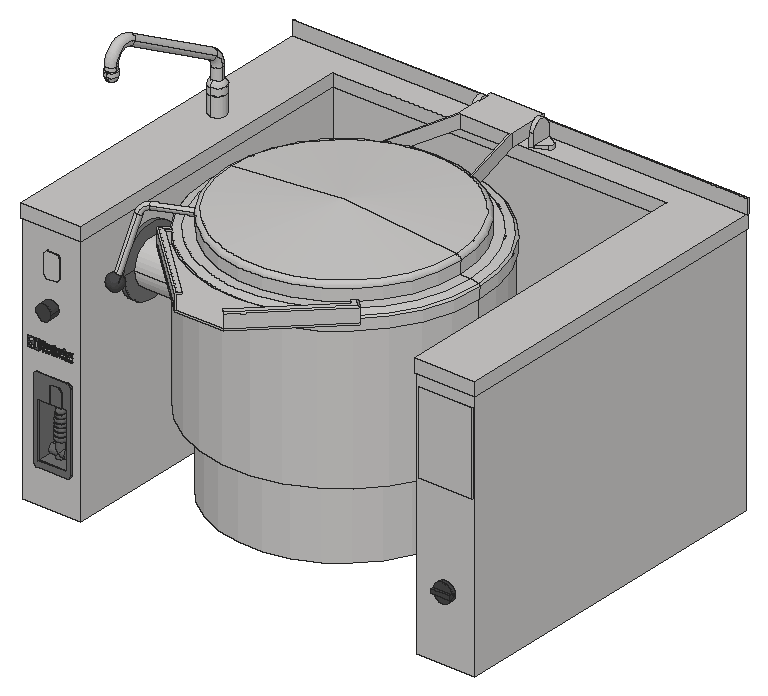
Revit family "QF_ELECTROLUXPROFESSIONAL_586940_PBOT10ELES", category Specialty Equipment, Revit 2018 (continued)
Automatic sketch dimensions
  Extrusion 23 sketch curve to Extrusion 23 sketch curve = 1.192 mm
  Extrusion 23 sketch curve to Extrusion 23 sketch curve = 2.57 mm  (x2)
  Extrusion 23 sketch curve to Extrusion 23 sketch curve = 3.444 mm  (x2)
  Extrusion 23 sketch curve to Extrusion 23 sketch curve = 1.343 mm  (x2)
  Extrusion 23 sketch curve to Extrusion 23 sketch curve = 1.353 mm  (x2)
  Extrusion 23 sketch curve to Extrusion 23 sketch curve = 0.027 mm  (x2)
  Extrusion 23 sketch curve to Extrusion 23 sketch curve = 0.395 mm  (x2)
  Extrusion 23 sketch curve to Extrusion 23 sketch curve = 0.329 mm  (x2)
  Extrusion 23 sketch curve to Extrusion 23 sketch curve = 0.425 mm  (x2)
  Extrusion 23 sketch curve to Extrusion 23 sketch curve = 0.051 mm  (x2)
  Extrusion 23 sketch curve to Extrusion 23 sketch curve = 0.495 mm  (x2)
  Extrusion 23 sketch curve to Extrusion 23 sketch curve = 0.267 mm  (x2)
  Extrusion 23 sketch curve to Extrusion 23 sketch curve = 1.4 mm
  Extrusion 23 sketch curve to Extrusion 23 sketch curve = 5.233 mm
  Extrusion 23 sketch curve to Extrusion 23 sketch curve = 2.062 mm
  plane 3 "LEFT" to Extrusion 24 sketch curve = 43.4 mm
  Extrusion 24 sketch curve to Extrusion 24 sketch curve = 82 mm
  plane 7 to Extrusion 24 sketch curve = 105.944 mm
  Extrusion 24 sketch curve to Extrusion 24 sketch curve = 195 mm
  Extrusion 25 sketch curve to plane 6 "TOP" = 0 mm
  Extrusion 25 sketch curve to plane 1 "BACK" = 0 mm
  Extrusion 25 sketch curve to Extrusion 25 sketch curve = 2 mm
  Extrusion 25 sketch curve to Extrusion 25 sketch curve = 37.998 mm
  curve 39 to curve 19 = 2 mm
  radius of curve 38 = 25 mm
  radius of Extrusion 4 sketch curve = 10 mm
  radius of Extrusion 15 sketch curve = 25 mm
  radius of Extrusion 17 sketch curve = 20 mm
  radius of Extrusion 20 sketch curve = 10 mm  (x2)
  radius of Extrusion 23 sketch curve = 2.453 mm
  radius of Extrusion 23 sketch curve = 1.557 mm
  radius of Extrusion 23 sketch curve = 1.468 mm
  radius of Extrusion 23 sketch curve = 2.451 mm
Nested families
  nested 1: "Electrolux_Handle" at (324.646, -653.285, 8.398) x (0.9205, 0.3907, 0) z (0, 0, 1), type "Family1"
  nested 2: "QF_ELECTROLUXPROFESSIONAL_RubSprint" at (80, -250.001, 900), type "QF_ELECTROLUXPROFESSIONAL_RubSprint"
  nested 3: "QF_ELECTROLUXPROFESSIONAL_SprayGun" at (80.4, -737, 291.944), type "QF_ELECTROLUXPROFESSIONAL_SprayGun"
Connectors
  piping at (110.571, 100, 395), diameter 12.7
    settings: on Extrusion 20, index 1, connector inside diameter 1/2", connector length 0 mm, flow factor 0, pipe flow 0 GPM, pressure drop 0.00 psi, fitting loss kfactor 0, connector angle 0.00°, fixture units 0, engagement length 0 mm, angle of deflection 0.00°, flow configuration 1, flow direction 1, fitting loss method 0, system type 20, joint type 0, gender type 0, connector reference index -1, connector utility 0, adjustable connector no, is connector primary yes, connector description "Cold Water Inlet"
  piping at (50, 100, 395), diameter 12.7
    settings: on Extrusion 20, index 2, connector inside diameter 1/2", connector length 0 mm, flow factor 0, pipe flow 0 GPM, pressure drop 0.00 psi, fitting loss kfactor 0, connector angle 0.00°, fixture units 0, engagement length 0 mm, angle of deflection 0.00°, flow configuration 1, flow direction 1, fitting loss method 0, system type 19, joint type 0, gender type 0, connector reference index -1, connector utility 0, adjustable connector no, is connector primary no, connector description "Hot Water Inlet"
  electrical at (1120, 100, 450), driven by "Volts"
    settings: on Extrusion 4, index 3, voltage 400 V, apparent load 18200 VA, apparent load phase1 0 VA, apparent load phase2 0 VA, apparent load phase3 0 VA, power factor 1, load classification "Other", number of poles 1, system type 30, power factor state 1, is connector primary yes, connector utility no, sub classification motor no, connector description "Electrical Connection"
Definition of nested family "Electrolux_Handle"
  Parameters
    Assembly Code = ""
  Reference planes
    plane 1 "Center (Front/Back)": y = 0
    plane 2: z = 0
    plane 3 "Center (Left/Right)": x = 0
  Forms (mm)
    Sweep 1, solid
      path origin (0, -272.67, 40.751) x (1, 0, 0) y (0, 0.292372, 0.956305)
        loop
          line (16.511, 924.614) -> (-78.489, 924.614)
          arc (-78.489, 924.614) -> (-94.127, 919.229) -> (-103.135, 905.359) r 25.4
          line (-103.135, 905.359) -> (-140.724, 754.597)
      profile origin (-30.989, -2.339, 924.963) x (0, -0.292372, -0.956305) y (0, -0.956305, 0.292372)
        loop
          circle (0, 0) r 8
    Revolve 2, solid
      sketch origin (0, -272.67, 40.751) x (1, 0, 0) y (0, 0.292372, 0.956305)
        loop
          arc (-160.764, 759.594) -> (-145.72, 734.557) -> (-120.683, 749.601) r 20.654
          line (-120.683, 749.601) -> (-160.764, 759.594)
        axis (-120.683, 749.601) -> (-160.764, 759.594)
      angle from 0 to 360
  Lines and regions (mm)
    symbolic lines
      curve 1: line (16.511, 5.661, 0) -> (-87.322, 5.661, 0)
      curve 2: line (16.511, -9.989, 0) -> (-86.193, -9.989, 0)
      curve 3: line (-133.697, -56.773, 0) -> (-97.513, -15.149, 0)
      curve 4: line (-146.568, -45.584, 0) -> (-111.666, -5.433, 0)
      curve 5: arc (-135.59, -32.955, 0) -> (-154.333, -67.194, 0) -> (-122.78, -44.215, 0) r 20
      curve 6: arc (-146.568, -45.584, 0) -> (-145.727, -57.614, 0) -> (-133.697, -56.773, 0) r 8.527
      curve 7: arc (-87.322, 5.661, 0) -> (-100.698, 2.757, 0) -> (-111.666, -5.433, 0) r 32.256
      curve 8: arc (-86.193, -9.989, 0) -> (-92.413, -11.34, 0) -> (-97.513, -15.149, 0) r 15
  Dimensions and locks
    aligned and locked: level to plane 2
    aligned and locked: Revolve 2 sketch curve to Sweep 1  (x2)
    aligned and locked: curve 1 to Sweep 1
    aligned and locked: Sweep 1 to curve 2
Definition of nested family "QF_ELECTROLUXPROFESSIONAL_RubSprint"
  Reference planes
    plane 1 "Center (Front/Back)": y = 0
    plane 2: z = 0
    plane 3 "Center (Left/Right)": x = 0
  Forms (mm)
    Revolve 1, solid
      sketch origin (0, 0, 0) x (0, 1, 0) y (0, 0, 1)
        loop
          line (-21, 0) -> (0, 0) -> (0, 82.75) -> (-14.385, 82.75)
          arc (-14.385, 82.75) -> (-19.409, 76.68) -> (-22.385, 69.383) r 26
          line (-22.385, 69.383) -> (-22.385, 51.306) -> (-21, 50.388) -> (-21, 0)
        axis (0, 82.75) -> (0, 0)
      angle from 0 to 360
    Sweep 2, solid
      path origin (0, 0, 0) x (0, 1, 0) y (0, 0, 1)
        loop
          line (0, 82.75) -> (0, 113.75)
          arc (0, 113.75) -> (-5.44, 133.889) -> (-20.279, 148.551) r 40
          line (-20.279, 148.551) -> (-290.279, 301.55)
          arc (-290.279, 301.55) -> (-330.139, 301.31) -> (-349.999, 266.749) r 40
          line (-349.999, 266.749) -> (-349.999, 257.884)
      profile origin (0, 0, 98.25) x (0, -1, 0) y (1, 0, 0)
        loop
          circle (0, 0) r 13.5
    Revolve 3, solid
      sketch origin (0, 0, 0) x (0, 1, 0) y (0, 0, 1)
        loop
          line (-333.717, 244.264) -> (-333.717, 254.236)
          arc (-333.717, 254.236) -> (-334.434, 255.758) -> (-335.779, 256.77) r 3.5
          line (-335.779, 256.77) -> (-336.499, 257.884) -> (-349.999, 257.884) -> (-349.999, 233.05) -> (-339.2, 233.05)
          arc (-339.2, 233.05) -> (-338.052, 233.411) -> (-337.32, 234.365) r 2
          line (-337.32, 234.365) -> (-333.717, 244.264)
        axis (-349.999, 257.884) -> (-349.999, 233.05)
      angle from 0 to 360
  Lines and regions (mm)
    symbolic lines
      curve 1: arc (-13.5, -17.856, 0) -> (0, 22.385, 0) -> (13.5, -17.856, 0) r 22.385
      curve 2: arc (-13.5, 0, 0) -> (0, 13.5, 0) -> (13.5, 0, 0) r 13.5
      curve 3: arc (-13.5, -349.999, 0) -> (0, -363.499, 0) -> (13.5, -349.999, 0) r 13.5
      curve 4: arc (-13.5, -340.897, 0) -> (0, -366.281, 0) -> (13.5, -340.897, 0) r 16.282
      curve 5: line (13.5, -349.999, 0) -> (13.5, 0, 0)
      curve 6: line (-13.5, -349.999, 0) -> (-13.5, 0, 0)
  Dimensions and locks
    aligned and locked: level to plane 2
Definition of nested family "QF_ELECTROLUXPROFESSIONAL_SprayGun"
  Reference planes
    plane 1 "Center (Front/Back)": y = 0
    plane 2: z = 0
    plane 3 "SGy": x = 13
    plane 4 "AxeZ": y = -45
    plane 5 "Center (Left/Right)": x = 4
    plane 6 "Center (Top/Right)": z = 112.5
  Forms (mm)
    Revolve 1, solid
      sketch origin (0, -45, 0) x (0, 0, 1) y (-1, 0, 0)
        loop
          line (73.98, -1.423) -> (33.98, -1.423) -> (33.98, -13) -> (151.7, -13) -> (151.7, -4.362)
          arc (151.7, -4.362) -> (147.093, -1.396) -> (141.64, -1.926) r 8.345
          arc (141.64, -1.926) -> (140.226, -2.024) -> (139.103, -1.16) r 2
          arc (139.103, -1.16) -> (138.832, -0.814) -> (138.493, -0.536) r 2
          arc (138.493, -0.536) -> (134.77, 0.557) -> (131.061, -0.581) r 6.745
          arc (131.061, -0.581) -> (129.812, -0.914) -> (128.62, -0.414) r 2
          arc (128.62, -0.414) -> (124.347, 1.338) -> (119.917, 0.035) r 6.972
          arc (119.917, 0.035) -> (118.79, -0.341) -> (117.648, -0.011) r 2
          arc (117.648, -0.011) -> (113.81, 1.188) -> (109.921, 0.166) r 7.275
          arc (109.921, 0.166) -> (108.725, -0.109) -> (107.594, 0.367) r 2
          arc (107.594, 0.367) -> (103.55, 1.928) -> (99.427, 0.587) r 6.475
          arc (99.427, 0.587) -> (98.262, 0.173) -> (97.076, 0.524) r 2
          arc (97.076, 0.524) -> (92.711, 1.941) -> (88.277, 0.758) r 8.094
          arc (88.277, 0.758) -> (87.212, 0.464) -> (86.153, 0.781) r 2
          arc (86.153, 0.781) -> (79.633, 2.075) -> (73.98, -1.423) r 9.075
        axis (151.7, -13) -> (33.98, -13)
      angle from 0 to 360
    Revolve 2, solid
      sketch origin (0, -45, 0) x (0, 0, 1) y (-1, 0, 0)
        loop
          line (47.58, 11.558) -> (40.98, 11.558) -> (40.98, 9.577) -> (35.98, 9.577) -> (35.98, -30.423) -> (40.98, -30.423) -> (40.98, -35.423) -> (47.58, -35.423) -> (47.58, 11.558)
        axis (47.58, 11.558) -> (47.58, -35.423)
      angle from 0 to 360
    Extrusion 3, solid
      sketch origin (0, -45, 0) x (1, 0, 0) y (0, 1, 0)
        loop
          line (21.638, 0) -> (17.319, 7.481) -> (8.681, 7.481) -> (4.362, 0) -> (8.681, -7.481) -> (17.319, -7.481) -> (21.638, 0)
      from 151.7 to 160.974
    Extrusion 4, solid
      sketch origin (0, 0, 0) x (1, 0, 0) y (0, 0, 1)
        loop
          arc (-45, 10) -> (-42.071, 2.929) -> (-35, 0) r 10
          line (-35, 0) -> (43, 0)
          arc (43, 0) -> (50.071, 2.929) -> (53, 10) r 10
          line (53, 10) -> (53, 215)
          arc (53, 215) -> (50.071, 222.071) -> (43, 225) r 10
          line (43, 225) -> (-35, 225)
          arc (-35, 225) -> (-42.071, 222.071) -> (-45, 215) r 10
          line (-45, 215) -> (-45, 10)
        loop
          line (-35, 162) -> (-35, 16) -> (43, 16) -> (43, 162) -> (29, 162) -> (29, 199)
          arc (29, 199) -> (26.657, 204.657) -> (21, 207) r 8
          line (21, 207) -> (5, 207)
          arc (5, 207) -> (-0.657, 204.657) -> (-3, 199) r 8
          line (-3, 199) -> (-3, 162) -> (-35, 162)
      from 63 to 60
    Extrusion 5, solid
      sketch origin (0, 0, 0) x (1, 0, 0) y (0, 0, 1)
        loop
          line (-35, 16) -> (43, 16) -> (43, 162) -> (29, 162) -> (29, 199)
          arc (29, 199) -> (26.657, 204.657) -> (21, 207) r 8
          line (21, 207) -> (5, 207)
          arc (5, 207) -> (-0.657, 204.657) -> (-3, 199) r 8
          line (-3, 199) -> (-3, 162) -> (-35, 162) -> (-35, 16)
        loop
          line (31, 164) -> (31, 199)
          arc (31, 199) -> (28.071, 206.071) -> (21, 209) r 10
          line (21, 209) -> (5, 209)
          arc (5, 209) -> (-2.071, 206.071) -> (-5, 199) r 10
          line (-5, 199) -> (-5, 164) -> (-37, 164) -> (-37, 14) -> (45, 14) -> (45, 164) -> (31, 164)
      from 0 to 60
    Extrusion 6, solid
      sketch origin (0, 0, 0) x (1, 0, 0) y (0, 0, 1)
        loop
          line (-37, 164) -> (-37, 14) -> (45, 14) -> (45, 164) -> (-37, 164)
      from 6 to 0
    Extrusion 7, solid
      sketch origin (0, 0, 0) x (1, 0, 0) y (0, 0, 1)
        loop
          line (28, 160.974) -> (28, 198)
          arc (28, 198) -> (25.657, 203.657) -> (20, 206) r 8
          line (20, 206) -> (6, 206)
          arc (6, 206) -> (0.343, 203.657) -> (-2, 198) r 8
          line (-2, 198) -> (-2, 160.974) -> (28, 160.974)
      from 0 to 63
  Dimensions and locks
    equal spacing: Extrusion 4, plane 5 "Center (Left/Right)", Extrusion 4
    Extrusion 4 to Extrusion 4 = 225 mm
    Extrusion 4 to Extrusion 4 = 98 mm
    aligned and locked: level to plane 2
  Automatic sketch dimensions
    plane 3 "SGy" to Revolve 1 sketch curve = 0 mm  (x2)
    plane 5 "Center (Left/Right)" to Revolve 1 sketch curve = 2.577 mm
    level to Revolve 1 sketch curve = 33.98 mm
    Revolve 1 sketch curve to Revolve 1 sketch curve = 40 mm
    Revolve 1 sketch curve to plane 5 "Center (Left/Right)" = 2.854 mm
    Revolve 1 sketch curve to Revolve 1 sketch curve = 7.27 mm
    Revolve 1 sketch curve to Revolve 1 sketch curve = 5.984 mm
    Revolve 1 sketch curve to plane 5 "Center (Left/Right)" = 2.15 mm
    Revolve 1 sketch curve to Revolve 1 sketch curve = 5.262 mm
    Revolve 1 sketch curve to Revolve 1 sketch curve = 5.712 mm
    Revolve 1 sketch curve to plane 5 "Center (Left/Right)" = 0.545 mm
    Revolve 1 sketch curve to Revolve 1 sketch curve = 5.167 mm
    Revolve 1 sketch curve to Revolve 1 sketch curve = 5.522 mm
    Revolve 1 sketch curve to plane 5 "Center (Left/Right)" = 2.085 mm
    Revolve 1 sketch curve to Revolve 1 sketch curve = 4.746 mm
    Revolve 1 sketch curve to Revolve 1 sketch curve = 5.106 mm
    Revolve 1 sketch curve to plane 5 "Center (Left/Right)" = 1.624 mm
    Revolve 1 sketch curve to Revolve 1 sketch curve = 5.239 mm
    Revolve 1 sketch curve to Revolve 1 sketch curve = 5.96 mm
    Revolve 1 sketch curve to plane 5 "Center (Left/Right)" = 2.187 mm
    Revolve 1 sketch curve to Revolve 1 sketch curve = 4.862 mm
    plane 5 "Center (Left/Right)" to Revolve 1 sketch curve = 1.788 mm
    Revolve 1 sketch curve to Revolve 1 sketch curve = 2.59 mm
    Revolve 1 sketch curve to Revolve 1 sketch curve = 3.403 mm
    plane 3 "SGy" to Revolve 1 sketch curve = 3.493 mm
    Revolve 1 sketch curve to Revolve 1 sketch curve = 4.325 mm
    Revolve 1 sketch curve to Revolve 1 sketch curve = 6.57 mm
    Revolve 1 sketch curve to plane 5 "Center (Left/Right)" = 0.362 mm
    plane 5 "Center (Left/Right)" to Revolve 1 sketch curve = 3.891 mm
    plane 5 "Center (Left/Right)" to Revolve 1 sketch curve = 5.081 mm
    plane 5 "Center (Left/Right)" to Revolve 1 sketch curve = 5.658 mm
    plane 5 "Center (Left/Right)" to Revolve 1 sketch curve = 5.884 mm
    plane 5 "Center (Left/Right)" to Revolve 1 sketch curve = 6.173 mm
    plane 5 "Center (Left/Right)" to Revolve 1 sketch curve = 6.464 mm
    Revolve 1 sketch curve to Revolve 1 sketch curve = 7.72 mm
    Revolve 1 sketch curve to Revolve 1 sketch curve = 0 mm  (x12)
    Revolve 1 sketch curve to Revolve 1 sketch curve = 1.57 mm
    Revolve 2 sketch curve to plane 3 "SGy" = 17.423 mm
    level to Revolve 2 sketch curve = 35.98 mm
    Revolve 2 sketch curve to Revolve 2 sketch curve = 5 mm  (x3)
    Revolve 2 sketch curve to Revolve 2 sketch curve = 6.6 mm
    plane 5 "Center (Left/Right)" to Revolve 2 sketch curve = 13.577 mm
    Revolve 2 sketch curve to Revolve 2 sketch curve = 1.981 mm
    Revolve 2 sketch curve to Revolve 2 sketch curve = 0 mm  (x2)
    Revolve 2 sketch curve to Revolve 2 sketch curve = 4.326 mm
    plane 4 "AxeZ" to Extrusion 3 sketch curve = 0 mm  (x2)
    Extrusion 3 sketch curve to plane 5 "Center (Left/Right)" = 0.362 mm
    plane 3 "SGy" to Extrusion 3 sketch curve = 4.319 mm  (x2)
    Extrusion 3 sketch curve to plane 3 "SGy" = 4.319 mm  (x2)
    Extrusion 3 sketch curve to Extrusion 3 sketch curve = 4.319 mm
    plane 4 "AxeZ" to Extrusion 3 sketch curve = 7.481 mm
    Extrusion 3 sketch curve to plane 4 "AxeZ" = 7.481 mm
    Extrusion 4 sketch curve to level = 0 mm
    level to Extrusion 4 sketch curve = 10 mm
    plane 5 "Center (Left/Right)" to Extrusion 4 sketch curve = 49 mm
    Extrusion 4 sketch curve to Extrusion 4 sketch curve = 10 mm  (x2)
    Extrusion 4 sketch curve to Extrusion 4 sketch curve = 0 mm  (x3)
    plane 5 "Center (Left/Right)" to Extrusion 4 sketch curve = 7 mm
    Extrusion 4 sketch curve to plane 5 "Center (Left/Right)" = 1 mm
    Extrusion 4 sketch curve to plane 3 "SGy" = 8 mm
    Extrusion 4 sketch curve to plane 3 "SGy" = 16 mm
    Extrusion 4 sketch curve to Extrusion 4 sketch curve = 14 mm  (x2)
    Extrusion 4 sketch curve to Extrusion 4 sketch curve = 6 mm
    Extrusion 4 sketch curve to Extrusion 4 sketch curve = 146 mm
    Extrusion 4 sketch curve to Extrusion 4 sketch curve = 37 mm
    Extrusion 4 sketch curve to Extrusion 4 sketch curve = 16 mm
    Extrusion 5 sketch curve to Extrusion 5 sketch curve = 0 mm  (x5)
    level to Extrusion 5 sketch curve = 14 mm
    plane 5 "Center (Left/Right)" to Extrusion 5 sketch curve = 41 mm
    Extrusion 5 sketch curve to Extrusion 5 sketch curve = 2 mm  (x6)
    plane 5 "Center (Left/Right)" to Extrusion 5 sketch curve = 9 mm
    Extrusion 5 sketch curve to plane 5 "Center (Left/Right)" = 1 mm
    Extrusion 5 sketch curve to plane 3 "SGy" = 8 mm
    Extrusion 5 sketch curve to Extrusion 5 sketch curve = 8 mm
    Extrusion 5 sketch curve to plane 3 "SGy" = 30 mm
    Extrusion 5 sketch curve to Extrusion 5 sketch curve = 146 mm
    Extrusion 5 sketch curve to Extrusion 5 sketch curve = 35 mm
    level to Extrusion 6 sketch curve = 14 mm
    plane 5 "Center (Left/Right)" to Extrusion 6 sketch curve = 41 mm
    Extrusion 6 sketch curve to plane 3 "SGy" = 32 mm
    Extrusion 6 sketch curve to Extrusion 6 sketch curve = 150 mm
    plane 5 "Center (Left/Right)" to Extrusion 7 sketch curve = 6 mm
    Extrusion 7 sketch curve to plane 5 "Center (Left/Right)" = 2 mm
    Extrusion 7 sketch curve to plane 3 "SGy" = 7 mm
    Extrusion 7 sketch curve to plane 3 "SGy" = 15 mm
    level to Extrusion 7 sketch curve = 160.974 mm
    Extrusion 7 sketch curve to Extrusion 7 sketch curve = 37.026 mm
